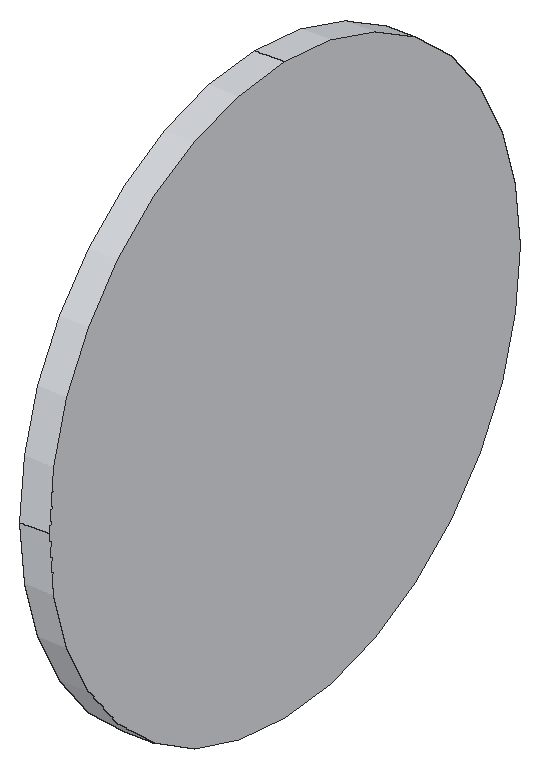
Revit family "f223ee069b2740c7bc7c5a0a5f87aad6", category Duct Fittings, Revit 2021
Family settings
  Round Connector Dimension = Use Radius
  Part Type = Cap
  OmniClass Number = 23.75.70.14
  OmniClass Title = Air Ductwork
  Seek Item ID = Round Endcap - DTL-0000-USA-ENU
  Work Plane-Based = No
  Always vertical = Yes
  Cut with Voids When Loaded = No
  Shared = No
Parameters (values of type "Standard")
  built-in parameter 1114242 [instance] = (empty or 0)
  Radius [instance] = 10"
  Length [instance] = 1"
  Diameter [instance] = Radius * 2  # 20"
  Default Elevation = 0' - 0"
Reference planes (in)
  plane 1 "Center (Front/Back)": y = 0
  plane 2: z = 0
  plane 3 "Center (Left/Right)": x = 0
  plane 4: x = 1
  plane 5: x = 1
  plane 6: y = 10
  plane 7: y = -10
Forms (in)
  Sweep 1, solid, detail levels medium+fine
    path in 3D
      loop
        line (0, 0, 0) -> (1, 0, 0)
    profile "Duct - Round : Duct - Round" origin (0.5, 0, 0) x (0, 1, 0) y (0, 0, 1)
      loop
        arc (-10, 0) -> (-7.07107, -7.07107) -> (0, -10) r 10
        arc (0, -10) -> (7.07107, -7.07107) -> (10, 0) r 10
        arc (10, 0) -> (7.07107, 7.07107) -> (0, 10) r 10
        arc (0, 10) -> (-7.07107, 7.07107) -> (-10, 0) r 10
Lines and regions (in)
  reference lines
    curve 1: line (0, 0, 0) -> (1, 0, 0)
    curve 2: line (0, 0, 0) -> (1, 0, 0)
  sketch lines
    curve 3: line (0, 0, 0) -> (1, 0, 0)
  model lines, style "DuctFitting", detail levels coarse
    curve 4: line (0, 10, 0) -> (-4, 10, 0)
    curve 5: line (0, 10, 0) -> (0, -10, 0)
    curve 6: line (0, -10, 0) -> (-4, -10, 0)
Dimensions and locks (in)
  "Length": plane 3 "Center (Left/Right)" to plane 4
  "Radius": plane 1 "Center (Front/Back)" to plane 6
  "Radius": plane 1 "Center (Front/Back)" to plane 7
  aligned and locked: plane 4 to curve 1
  aligned and locked: plane 3 "Center (Left/Right)" to curve 1
  aligned and locked: plane 3 "Center (Left/Right)" to curve 2
  aligned and locked: plane 6 to curve 4
  aligned and locked: curve 5 to plane 3 "Center (Left/Right)"
  aligned and locked: plane 7 to curve 6
  aligned and locked: plane 1 "Center (Front/Back)" to curve 1
Automatic sketch dimensions
  curve 2 to plane 5 = 0' - 0"
  curve 6 to curve 6 = 0' - 4"
  curve 4 to curve 4 = 0' - 4"
  curve 2 to plane 1 "Center (Front/Back)" = 0' - 0"
Connectors (in)
  hvac at (0, 0, 0), driven by "Radius"
    settings: on Sweep 1, index 1, duct flow 0 CFM, flow factor 0, pres drop 0.00 in-wg, loss coef 0, conn angle 0.00°, conn width 12", conn height 12", conn diameter 20", duct sys type 28, conn prof type 0, flow config 0, flow direction 0, loss method 0, conn ref index -1, conn util no, is conn primary yes, conn desc ""
